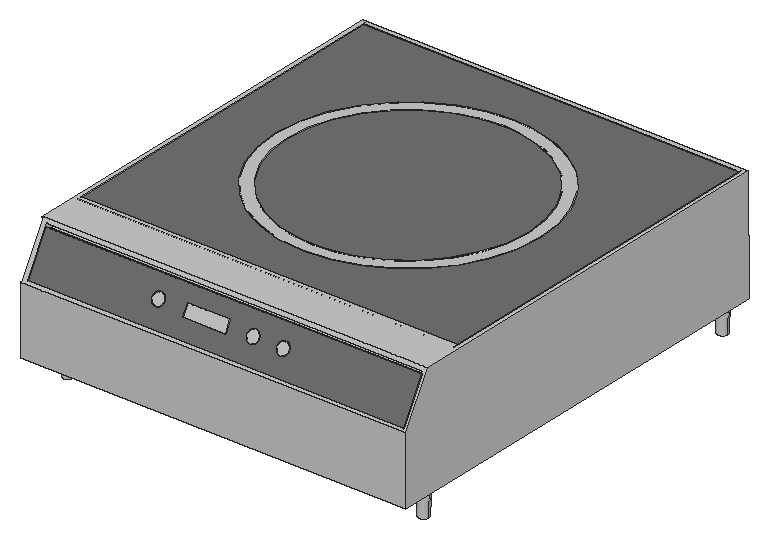
Revit family "QF_Vollrath 69520", category Specialty Equipment, Revit 2016
Family settings
  Part Type = Normal
  Round Connector Dimension = Use Diameter
  OmniClass Number = 23.40.40.14.17.14
  OmniClass Title = Hot Plates
  Work Plane-Based = No
  Always vertical = Yes
  Cut with Voids When Loaded = No
  Shared = No
  Room Calculation Point = No
Parameters (values of type "208V")
  Weight in Pounds = 26
  Watts = 2500 W
  Watermarked By = "http://revitwatermark.com"
  Volts = 208 V
  URL Cutsheet = ""
  URL = "www.vollrathco.com"
  Status [instance] = ""
  Specification by User [instance] = ""
  Specification by Manufacturer = ""
  Serial Number [instance] = ""
  Seismic Rating [instance] = ""
  Revision Code [instance] = ""
  Phase = 1
  Number of Poles [instance] = 1
  NAFEM Spec ID Number [instance] = ""
  Model = "69520"
  Masterspec = ""
  Manufacturer = "Vollrath"
  Item Number [instance] = ""
  Installed By [instance] = ""
  Height AFF [instance] = 36.00"
  Furnished By [instance] = ""
  Foodservice Equipment Identifier [instance] = yes
  FL Amps = 12.1 A
  Electrical Remarks [instance] = ""
  Electric Connection Type [instance] = ""
  Elec Conn RI Height [instance] = 0.00"
  Elec Conn Connection Height [instance] = Height AFF + 2.00"  # 38.00"
  Description = "Induction Range, Countertop"
  Cycle = 60 Hz
  Conn Plug = "NEMA 6-20P"
  CSI MasterFormat = "11 42 13"
  Assembly Code = "E1090320"
  Apparent Power = if(Phase = 3, Volts * FL Amps * 1.73, Volts * FL Amps)  # 2516.8 VA
Types (2): name | Watts | Volts | Apparent Power
  208V | 2500 W | 208 V | 2516.8 VA
  240V | 2900 W | 240 V | 2904 VA
Reference planes (in)
  plane 1: z = 0
  plane 2 "LEFT": x = 48
  plane 3 "BACK": y = -48.065
  plane 4 "BOTTOM": z = 36
  plane 5 "FRONT": y = -65.815
  plane 6 "TOP": z = 42
  plane 7: z = 37.25
  plane 8: y = -44.065
  plane 9: y = -55.565
  plane 10: x = 55.40773
  plane 11: z = 37.75
  plane 12: x = 53.03035
  plane 13: x = 56.69695
  plane 14: z = 41.28691
  plane 15 "RIGHT": x = 64
  plane 16: x = 63.8
  plane 17: y = -63.065
  plane 18: x = 63.125
Forms (in)
  Extrusion 1, solid, material "QF_Finishes_Stainless Steel"
    sketch origin (-3.6666, -62.63353, 8.56191) x (1, 0, 0) y (0, 0.5, 0.866025)
      loop
        line (51.72615, 27.93) -> (51.72615, 25.68) -> (67.6666, 25.68) -> (67.6666, 27.93) -> (51.72615, 27.93)
      loop
        line (51.91648, 27.77623) -> (51.91648, 25.78901) -> (67.52615, 25.78901) -> (67.52615, 27.77623) -> (51.91648, 27.77623)
    from 18.14569 to 18.5
  Extrusion 2, solid, material "QF_Finishes_Stainless Steel"
    sketch origin (-0.6666, -62.63353, 8.56191) x (1, 0, 0) y (0, 0.5, 0.866025)
      loop
        line (55.07331, 27.05441) -> (55.07331, 26.55441) -> (56.82331, 26.55441) -> (56.82331, 27.05441) -> (55.07331, 27.05441)
      loop
        circle (53.94695, 26.80981) r 0.25
      loop
        circle (57.87771, 26.79276) r 0.25
      loop
        circle (59.12771, 26.79276) r 0.25
    from 18.14569 to 18.5
  Extrusion 3, solid, material "QF_Finishes_Stainless Steel"
    sketch origin (-3.6666, -62.63353, 8.56191) x (1, 0, 0) y (0, 0.5, 0.866025)
      loop
        circle (56.94695, 26.80981) r 0.25
      loop
        circle (60.87771, 26.79276) r 0.25
      loop
        line (58.07331, 27.05441) -> (58.07331, 26.55441) -> (59.82331, 26.55441) -> (59.82331, 27.05441) -> (58.07331, 27.05441)
      loop
        circle (62.12771, 26.79276) r 0.25
    from 18.14569 to 18.5
  Extrusion 4, solid, material "QF_Finishes_Dark Grey"
    sketch origin (-3.6666, -63.13119, 8.77747) x (1, 0, 0) y (0, 0.5, 0.866025)
      loop
        line (51.91648, 25.85116) -> (67.52615, 25.85116) -> (67.52615, 27.73116) -> (51.91648, 27.73116) -> (51.91648, 25.85116)
      loop
        circle (62.11833, 26.8549) r 0.25
      loop
        circle (60.86833, 26.8549) r 0.25
      loop
        line (59.81393, 26.61655) -> (59.81393, 27.11655) -> (58.06393, 27.11655) -> (58.06393, 26.61655) -> (59.81393, 26.61655)
      loop
        circle (56.93757, 26.87196) r 0.25
    from 17.96123 to 17.60693
  Blend 5, solid, material "QF_Finishes_Stainless Steel"
    base sketch origin (0, 0, 0) x (1, 0, 0) y (0, 1, 0)
      loop
        circle (48.59304, -48.57669) r 0.20891
    top sketch origin (0, 0, 0) x (1, 0, 0) y (0, 1, 0)
      loop
        circle (48.59304, -48.57669) r 0.25
    from 36 to 37.25
  Blend 6, solid, material "QF_Finishes_Stainless Steel"
    base sketch origin (0, -16.25, 0) x (1, 0, 0) y (0, 1, 0)
      loop
        circle (48.59304, -47.82669) r 0.20891
    top sketch origin (0, -16.25, 0) x (1, 0, 0) y (0, 1, 0)
      loop
        circle (48.59304, -47.82669) r 0.25
    from 36 to 37.25
  Extrusion 7, solid, material "QF_Finishes_Stainless Steel"
    sketch origin (0, 0, 0) x (1, 0, 0) y (0, 1, 0)
      loop
        line (48, -48.065) -> (48, -63.065) -> (64, -63.065) -> (64, -48.065) -> (48, -48.065)
      loop
        line (48.19033, -48.2633) -> (48.19033, -62.89028) -> (63.8, -62.89028) -> (63.8, -48.2633) -> (48.19033, -48.2633)
    from 37.75 to 42
  Extrusion 8, solid, material "QF_Finishes_Dark Grey"
    sketch origin (0, 0, 0) x (1, 0, 0) y (0, 1, 0)
      loop
        line (48.19033, -48.1983) -> (48.19033, -63.065) -> (63.8, -63.065) -> (63.8, -48.1983) -> (48.19033, -48.1983)
      loop
        circle (55.97023, -55.66832) r 5.5
      loop
        circle (55.97023, -55.66832) r 5
    from 42 to 37.75
  Extrusion 9, solid, material "QF_Finishes_Stainless Steel"
    sketch origin (48, 0, -0.15599) x (0, 1, 0) y (0, 0, 1)
      loop
        line (-65.815, 37.40599) -> (-48.065, 37.40599) -> (-48.065, 37.90599) -> (-65.815, 37.90599) -> (-65.815, 37.40599)
    from 0 to 16
  Extrusion 10, solid, material "QF_Finishes_Stainless Steel"
    sketch origin (48, 0, 0) x (0, 1, 0) y (0, 0, 1)
      loop
        line (-64.69, 42) -> (-64.38316, 41.82285) -> (-65.50816, 39.87429) -> (-65.815, 40.05144) -> (-65.815, 37.75) -> (-63.065, 37.75) -> (-63.065, 42) -> (-64.69, 42)
    from 0 to 16
  Extrusion 11, solid, material "QF_Finishes_Stainless Steel", not visible
    sketch origin (0, -63.31853, -5.50809) x (1, 0, 0) y (0, 0.5, 0.866025)
      loop
        line (51.72615, 27.93) -> (51.72615, 25.68) -> (67.6666, 25.68) -> (67.6666, 27.93) -> (51.72615, 27.93)
      loop
        line (51.91648, 27.77623) -> (51.91648, 25.78901) -> (67.52615, 25.78901) -> (67.52615, 27.77623) -> (51.91648, 27.77623)
    from 18.14569 to 18.5
  Extrusion 12, solid, material "QF_Finishes_Stainless Steel", not visible
    sketch origin (3, -63.31853, -5.50809) x (1, 0, 0) y (0, 0.5, 0.866025)
      loop
        line (55.07331, 27.05441) -> (55.07331, 26.55441) -> (56.82331, 26.55441) -> (56.82331, 27.05441) -> (55.07331, 27.05441)
      loop
        circle (53.94695, 26.80981) r 0.25
      loop
        circle (57.87771, 26.79276) r 0.25
      loop
        circle (59.12771, 26.79276) r 0.25
    from 18.14569 to 18.5
  Extrusion 13, solid, material "QF_Finishes_Stainless Steel", not visible
    sketch origin (0, -63.31853, -5.50809) x (1, 0, 0) y (0, 0.5, 0.866025)
      loop
        circle (56.94695, 26.80981) r 0.25
      loop
        circle (60.87771, 26.79276) r 0.25
      loop
        line (58.07331, 27.05441) -> (58.07331, 26.55441) -> (59.82331, 26.55441) -> (59.82331, 27.05441) -> (58.07331, 27.05441)
      loop
        circle (62.12771, 26.79276) r 0.25
    from 18.14569 to 18.5
  Extrusion 14, solid, material "QF_Finishes_Dark Grey", not visible
    sketch origin (0, -63.81619, -5.29253) x (1, 0, 0) y (0, 0.5, 0.866025)
      loop
        line (51.91648, 25.85116) -> (67.52615, 25.85116) -> (67.52615, 27.73116) -> (51.91648, 27.73116) -> (51.91648, 25.85116)
      loop
        circle (62.11833, 26.8549) r 0.25
      loop
        circle (60.86833, 26.8549) r 0.25
      loop
        line (59.81393, 26.61655) -> (59.81393, 27.11655) -> (58.06393, 27.11655) -> (58.06393, 26.61655) -> (59.81393, 26.61655)
      loop
        circle (56.93757, 26.87196) r 0.25
    from 17.96123 to 17.60693
  Extrusion 15, solid, material "QF_Finishes_Stainless Steel"
    sketch origin (0, 0, 0) x (1, 0, 0) y (0, 1, 0)
      loop
        circle (55.97023, -55.66832) r 5.5
      loop
        circle (55.97023, -55.66832) r 5
    from 41.28691 to 42
  Blend 16, solid, material "QF_Finishes_Stainless Steel"
    base sketch origin (14.75, 0, 0) x (1, 0, 0) y (0, 1, 0)
      loop
        circle (48.59304, -48.57669) r 0.20891
    top sketch origin (14.75, 0, 0) x (1, 0, 0) y (0, 1, 0)
      loop
        circle (48.59304, -48.57669) r 0.25
    from 36 to 37.25
  Blend 17, solid, material "QF_Finishes_Stainless Steel"
    base sketch origin (14.75, -16.25, 0) x (1, 0, 0) y (0, 1, 0)
      loop
        circle (48.59304, -47.82669) r 0.20891
    top sketch origin (14.75, -16.25, 0) x (1, 0, 0) y (0, 1, 0)
      loop
        circle (48.59304, -47.82669) r 0.25
    from 36 to 37.25
  Extrusion 18, solid, material "QF_Finishes_Stainless Steel"
    sketch origin (-14, -48.065, 0) x (1, 0, 0) y (0, 0, 1)
      loop
        circle (63.125, 37.75) r 0.25
    from 0 to -0.23222
  Extrusion 19, solid, material "QF_Finishes_Clearances", detail levels coarse
    sketch origin (0, 0, 0) x (1, 0, 0) y (0, 1, 0)
      loop
        line (48, -44.065) -> (48, -48.065) -> (64, -48.065) -> (64, -44.065) -> (48, -44.065)
    from 42 to 36
Cuts and joins
  joined: Extrusion 1, Extrusion 7, Extrusion 9, Extrusion 10
Lines and regions (in)
  symbolic lines
    curve 1: line (64, -48.065, 0) -> (48, -48.065, 0)
    curve 2: line (48, -48.065, 0) -> (48, -65.815, 0)
    curve 3: line (64, -65.815, 0) -> (64, -48.065, 0)
    curve 4: line (64, -64.44865, 0) -> (48, -64.44865, 0)
    curve 5: arc (61.47023, -55.66832, 0) -> (55.97023, -50.16832, 0) -> (50.47023, -55.66832, 0) r 5.5
    curve 6: arc (50.97023, -55.66832, 0) -> (55.97023, -50.66832, 0) -> (60.97023, -55.66832, 0) r 5
    curve 7: arc (50.47023, -55.66832, 0) -> (55.97023, -61.16832, 0) -> (61.47023, -55.66832, 0) r 5.5
    curve 8: arc (60.97023, -55.66832, 0) -> (55.97023, -60.66832, 0) -> (50.97023, -55.66832, 0) r 5
    curve 9: line (48, -65.815, 0) -> (64, -65.815, 0)
    curve 10: line (64, -63.065, 0) -> (48, -63.065, 0)
Dimensions and locks (in)
  "Height AFF": plane 4 "BOTTOM" to level
  plane 5 "FRONT" to plane 3 "BACK" = 17.75"
  plane 3 "BACK" to plane 8 = 4.00"
  locked: plane 7 to plane 4 "BOTTOM" at 1.25
  Blend 5 sketch curve to plane 3 "BACK" = 0.51168"
  locked: Blend 5 sketch curve to plane 3 "BACK" at 0.51168
  plane 2 "LEFT" to plane 10 = 7.40773"
  equal spacing: Extrusion 7, plane 9, plane 3 "BACK"
  locked: plane 6 "TOP" to plane 7 at 4.75
  locked: plane 11 to plane 7 at 0.5
  plane 3 "BACK" to Extrusion 7 = 15.00"
  locked: plane 6 "TOP" to Extrusion 4 at 0.98488
  locked: plane 6 "TOP" to plane 14 at 0.71309
  plane 2 "LEFT" to plane 15 "RIGHT" = 16.00"
  aligned and locked: level to plane 1
  aligned and locked: Extrusion 3 sketch curve to Extrusion 2  (x2)
  aligned and locked: Extrusion 3 to Extrusion 4 sketch curve
  aligned and locked: Extrusion 4 sketch curve to Extrusion 3
  aligned and locked: plane 7 to Blend 6
  aligned and locked: Blend 6 to plane 4 "BOTTOM"
  aligned and locked: plane 7 to Blend 5
  aligned and locked: Blend 5 to plane 4 "BOTTOM"
  aligned and locked: plane 6 "TOP" to Extrusion 7
  aligned and locked: Extrusion 13 sketch curve to Extrusion 12  (x2)
  aligned and locked: Extrusion 13 to Extrusion 14 sketch curve
  aligned and locked: Extrusion 14 sketch curve to Extrusion 13
  aligned and locked: plane 7 to cut or joined group of Extrusion 1, Extrusion 7, Extrusion 9, Extrusion 10
  aligned and locked: cut or joined group of Extrusion 1, Extrusion 7, Extrusion 9, Extrusion 10 to plane 11
  aligned: Extrusion 7 to Extrusion 1
  aligned: Extrusion 8 to cut or joined group of Extrusion 1, Extrusion 7, Extrusion 9, Extrusion 10
  aligned and locked: Extrusion 1 to Extrusion 7
  aligned and locked: Extrusion 10 to Extrusion 1
  aligned and locked: Extrusion 9 to Extrusion 1
  aligned and locked: Extrusion 9 to Extrusion 7  (x2)
  aligned and locked: Extrusion 15 sketch curve to Extrusion 8  (x4)
  aligned and locked: curve 5 to Extrusion 15
  aligned and locked: curve 6 to Extrusion 15
  aligned and locked: curve 7 to Extrusion 15
  aligned and locked: curve 8 to Extrusion 15
  aligned and locked: cut or joined group of Extrusion 1, Extrusion 7, Extrusion 9, Extrusion 10 to Extrusion 8
  aligned and locked: plane 6 "TOP" to Extrusion 15
  aligned and locked: Extrusion 15 to plane 14
  aligned and locked: Extrusion 8 to cut or joined group of Extrusion 1, Extrusion 7, Extrusion 9, Extrusion 10  (x2)
  aligned and locked: Extrusion 4 to cut or joined group of Extrusion 1, Extrusion 7, Extrusion 9, Extrusion 10
  aligned and locked: Extrusion 7 to plane 15 "RIGHT"
  aligned and locked: Extrusion 7 to Extrusion 8
  aligned and locked: plane 7 to Blend 17
  aligned and locked: Blend 17 to plane 4 "BOTTOM"
  aligned and locked: plane 7 to Blend 16
  aligned and locked: Blend 16 to plane 4 "BOTTOM"
  aligned and locked: plane 2 "LEFT" to Extrusion 19 sketch curve
  aligned and locked: Extrusion 19 sketch curve to cut or joined group of Extrusion 1, Extrusion 7, Extrusion 9, Extrusion 10  (x2)
  aligned and locked: plane 4 "BOTTOM" to Extrusion 19
  aligned and locked: plane 6 "TOP" to Extrusion 19
Automatic sketch dimensions
  Extrusion 1 sketch curve to Extrusion 1 sketch curve = 0.10901"
  Extrusion 1 sketch curve to Extrusion 1 sketch curve = 1.98721"
  Extrusion 1 sketch curve to Extrusion 1 sketch curve = 0.15377"
  Extrusion 2 sketch curve to Extrusion 2 sketch curve = 1.12636"
  Extrusion 2 sketch curve to Extrusion 2 sketch curve = 1.75"
  Extrusion 2 sketch curve to Extrusion 2 sketch curve = 1.0544"
  Extrusion 2 sketch curve to Extrusion 2 sketch curve = 1.25"
  Extrusion 2 sketch curve to Extrusion 2 sketch curve = 0.23835"
  Extrusion 2 sketch curve to Extrusion 2 sketch curve = 0.00"
  Extrusion 2 sketch curve to Extrusion 2 sketch curve = 0.25541"
  Extrusion 2 sketch curve to Extrusion 2 sketch curve = 0.50"
  Extrusion 1 sketch curve to Extrusion 1 sketch curve = 0.19033"
  Extrusion 1 sketch curve to Extrusion 1 sketch curve = 15.60967"
  Extrusion 1 sketch curve to Extrusion 1 sketch curve = 0.14045"
  Extrusion 4 sketch curve to Extrusion 4 sketch curve = 4.77109"
  Extrusion 4 sketch curve to Extrusion 4 sketch curve = 5.15782"
  Extrusion 11 sketch curve to Extrusion 11 sketch curve = 0.10901"
  Extrusion 11 sketch curve to Extrusion 11 sketch curve = 1.98721"
  Extrusion 11 sketch curve to Extrusion 11 sketch curve = 0.15377"
  Extrusion 12 sketch curve to Extrusion 12 sketch curve = 1.12636"
  Extrusion 12 sketch curve to Extrusion 12 sketch curve = 1.75"
  Extrusion 12 sketch curve to Extrusion 12 sketch curve = 1.0544"
  Extrusion 12 sketch curve to Extrusion 12 sketch curve = 1.25"
  Extrusion 12 sketch curve to Extrusion 12 sketch curve = 0.23835"
  Extrusion 12 sketch curve to Extrusion 12 sketch curve = 0.00"
  Extrusion 12 sketch curve to Extrusion 12 sketch curve = 0.25541"
  Extrusion 12 sketch curve to Extrusion 12 sketch curve = 0.50"
  Extrusion 11 sketch curve to Extrusion 11 sketch curve = 0.19033"
  Extrusion 11 sketch curve to Extrusion 11 sketch curve = 15.60967"
  Extrusion 11 sketch curve to Extrusion 11 sketch curve = 0.14045"
  Extrusion 14 sketch curve to Extrusion 14 sketch curve = 4.77109"
  Extrusion 14 sketch curve to Extrusion 14 sketch curve = 5.15782"
  Extrusion 4 sketch curve to Extrusion 4 sketch curve = 0.8044"
  Extrusion 4 sketch curve to Extrusion 4 sketch curve = 0.87636"
  Extrusion 4 sketch curve to Extrusion 4 sketch curve = 0.25"  (x3)
  Extrusion 4 sketch curve to Extrusion 4 sketch curve = 0.75"
  Extrusion 4 sketch curve to Extrusion 4 sketch curve = 0.23835"
  Extrusion 4 sketch curve to Extrusion 4 sketch curve = 0.00"  (x4)
  Extrusion 4 sketch curve to Extrusion 4 sketch curve = 0.24459"
  Extrusion 3 sketch curve to Extrusion 3 sketch curve = 0.8044"
  Extrusion 3 sketch curve to Extrusion 3 sketch curve = 0.87636"
  Extrusion 3 sketch curve to Extrusion 3 sketch curve = 0.25"  (x3)
  Extrusion 3 sketch curve to Extrusion 3 sketch curve = 0.75"
  Extrusion 3 sketch curve to Extrusion 3 sketch curve = 0.23835"
  Extrusion 3 sketch curve to Extrusion 3 sketch curve = 0.00"  (x4)
  Extrusion 3 sketch curve to Extrusion 3 sketch curve = 0.24459"
  Extrusion 14 sketch curve to Extrusion 14 sketch curve = 0.8044"
  Extrusion 14 sketch curve to Extrusion 14 sketch curve = 0.87636"
  Extrusion 14 sketch curve to Extrusion 14 sketch curve = 0.25"  (x3)
  Extrusion 14 sketch curve to Extrusion 14 sketch curve = 0.75"
  Extrusion 14 sketch curve to Extrusion 14 sketch curve = 0.23835"
  Extrusion 14 sketch curve to Extrusion 14 sketch curve = 0.00"  (x4)
  Extrusion 14 sketch curve to Extrusion 14 sketch curve = 0.24459"
  Extrusion 13 sketch curve to Extrusion 13 sketch curve = 0.8044"
  Extrusion 13 sketch curve to Extrusion 13 sketch curve = 0.87636"
  Extrusion 13 sketch curve to Extrusion 13 sketch curve = 0.25"  (x3)
  Extrusion 13 sketch curve to Extrusion 13 sketch curve = 0.75"
  Extrusion 13 sketch curve to Extrusion 13 sketch curve = 0.23835"
  Extrusion 13 sketch curve to Extrusion 13 sketch curve = 0.00"  (x4)
  Extrusion 13 sketch curve to Extrusion 13 sketch curve = 0.24459"
  Extrusion 4 sketch curve to Extrusion 4 sketch curve = 1.0208"
  Extrusion 4 sketch curve to Extrusion 4 sketch curve = 1.88"
  Extrusion 14 sketch curve to Extrusion 14 sketch curve = 1.0208"
  Extrusion 14 sketch curve to Extrusion 14 sketch curve = 1.88"
  Extrusion 3 sketch curve to Extrusion 3 sketch curve = 1.75"
  Extrusion 4 sketch curve to Extrusion 4 sketch curve = 1.75"
  plane 12 to Extrusion 4 sketch curve = 4.78048"
  Extrusion 13 sketch curve to Extrusion 13 sketch curve = 1.75"
  Extrusion 14 sketch curve to Extrusion 14 sketch curve = 1.75"
  plane 13 to Extrusion 14 sketch curve = 4.78048"
  plane 2 "LEFT" to Blend 5 sketch curve = 0.59304"  (x2)
  plane 2 "LEFT" to Blend 6 sketch curve = 0.59304"  (x2)
  plane 5 "FRONT" to Blend 6 sketch curve = 1.73832"  (x2)
  Extrusion 7 sketch curve to plane 2 "LEFT" = 0.00"
  Extrusion 7 sketch curve to plane 16 = 0.00"
  plane 3 "BACK" to Extrusion 7 sketch curve = 0.00"
  Extrusion 7 sketch curve to plane 15 "RIGHT" = 0.00"
  plane 2 "LEFT" to Extrusion 7 sketch curve = 0.19033"
  plane 3 "BACK" to Extrusion 7 sketch curve = 0.1983"
  plane 5 "FRONT" to Extrusion 7 sketch curve = 2.92472"
  Extrusion 7 sketch curve to Extrusion 7 sketch curve = 0.17472"
  Extrusion 8 sketch curve to Extrusion 8 sketch curve = 0.00"  (x2)
  Extrusion 8 sketch curve to plane 16 = 0.00"
  Extrusion 8 sketch curve to plane 9 = 0.10332"
  plane 10 to Extrusion 8 sketch curve = 0.5625"
  plane 2 "LEFT" to Extrusion 8 sketch curve = 0.19033"
  plane 5 "FRONT" to Extrusion 8 sketch curve = 2.75"
  plane 3 "BACK" to Extrusion 8 sketch curve = 0.1333"
  Extrusion 9 sketch curve to plane 5 "FRONT" = 0.00"
  Extrusion 9 sketch curve to plane 3 "BACK" = 0.00"
  Extrusion 9 sketch curve to plane 7 = 0.00"
  Extrusion 9 sketch curve to plane 11 = 0.00"
  Extrusion 10 sketch curve to plane 5 "FRONT" = 0.00"
  Extrusion 10 sketch curve to plane 6 "TOP" = 0.00"
  Extrusion 10 sketch curve to plane 11 = 0.00"
  plane 5 "FRONT" to Extrusion 10 sketch curve = 0.30684"
  plane 5 "FRONT" to Extrusion 10 sketch curve = 1.125"
  Extrusion 10 sketch curve to plane 6 "TOP" = 0.17715"
  Extrusion 10 sketch curve to Extrusion 10 sketch curve = 0.30684"
  Extrusion 10 sketch curve to Extrusion 10 sketch curve = 1.31816"
  plane 16 to Blend 16 sketch curve = 0.45696"  (x2)
  plane 3 "BACK" to Blend 16 sketch curve = 0.51168"  (x2)
  plane 16 to Blend 17 sketch curve = 0.45696"  (x2)
  plane 5 "FRONT" to Blend 17 sketch curve = 1.73832"  (x2)
  Extrusion 18 sketch curve to plane 11 = 0.00"
  plane 18 to Extrusion 18 sketch curve = 14.00"
  curve 9 to plane 2 "LEFT" = 0.00"
  curve 4 to plane 15 "RIGHT" = 0.00"
  curve 3 to plane 5 "FRONT" = 0.00"
  plane 17 to curve 10 = 0.00"
  plane 3 "BACK" to curve 2 = 0.00"
  curve 3 to curve 4 = 1.36635"
  Extrusion 19 sketch curve to plane 8 = 0.00"
  radius of Extrusion 2 sketch curve = 0.25"  (x3)
  radius of Extrusion 12 sketch curve = 0.25"  (x3)
  radius of Blend 5 sketch curve = 0.20891"
  radius of Blend 5 sketch curve = 0.25"
  radius of Blend 6 sketch curve = 0.20891"
  radius of Blend 6 sketch curve = 0.25"
  radius of Extrusion 8 sketch curve = 5.50"
  radius of Extrusion 8 sketch curve = 5.00"
  radius of Blend 16 sketch curve = 0.20891"
  radius of Blend 16 sketch curve = 0.25"
  radius of Blend 17 sketch curve = 0.20891"
  radius of Blend 17 sketch curve = 0.25"
  radius of Extrusion 18 sketch curve = 0.25"
Connectors (in)
  electrical at (49.125, -47.83278, 37.75), driven by "Number of Poles", driven by "Volts", driven by "Apparent Power"
    settings: on Extrusion 18, index 1, voltage 208 V, apparent load 2516.8 VA, apparent load phase1 0 VA, apparent load phase2 0 VA, apparent load phase3 0 VA, power factor 1, load classification "Other", number of poles 1, system type 30, power factor state 1, is connector primary yes, connector utility no, sub classification motor no, connector description "Electric Connection"
